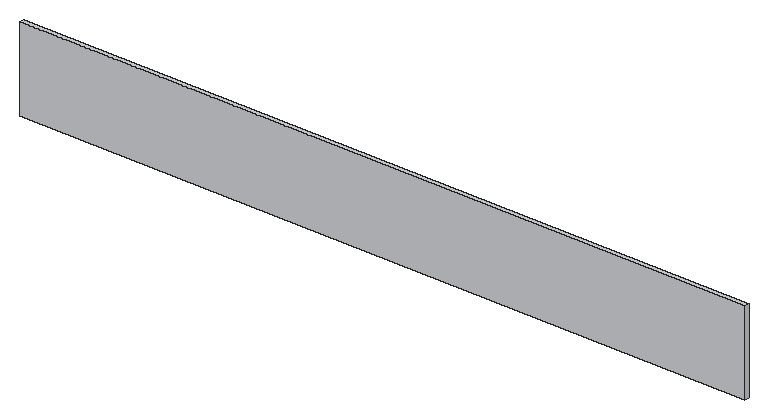
Revit family "J2 PET Felt Rectangular Baffle Single", category Specialty Equipment, Revit 2021
Family settings
  Round Connector Dimension = Use Diameter
  Part Type = Normal
  Work Plane-Based = No
  Always vertical = Yes
  Cut with Voids When Loaded = No
  Shared = No
  Room Calculation Point = No
Parameters (values of type "Rectangular Baffle 7'-11" x 11"")
  URL = "https://www.j2systems.net/"
  Symbol Name = "CSBFRE"
  Style Number = "CSBFRE"
  Release Date = "2019"
  Product Line = "Ceiling System"
  Model = "Rectangular Baffle Single"
  Manufacturer = "J2 Systems"  # constant formula
  Baffle Length (Max. 7'-11") = 7' - 11"
  Felt Color = none
  Default Elevation = 0' - 0"
  Baffle Height (Max. 3'-11") = 0' - 11"
Reference planes (in)
  plane 1 "Center (Front/Back)": y = 0
  plane 2: z = 0
  plane 3 "Center (Left/Right)": x = 0
  plane 4: y = 0.25
  plane 5: y = -0.25
  plane 6: x = -47.5
  plane 7: x = 47.5
  plane 8: z = 11
Forms (in)
  Extrusion 1, solid, material <- "Felt Color"
    sketch origin (2.375, 0, 0) x (1, 0, 0) y (0, 1, 0)
      loop
        line (-49.875, 0.25) -> (-49.875, -0.25) -> (45.125, -0.25) -> (45.125, 0.25) -> (-49.875, 0.25)
    from 11 to 0
Dimensions and locks (in)
  equal spacing: plane 6, plane 3 "Center (Left/Right)", plane 7
  "Baffle Length (Max. 7'-11")": plane 6 to plane 7
  "Baffle Height (Max. 3'-11")": plane 8 to level
  Extrusion 1 sketch curve to plane 1 "Center (Front/Back)" to Extrusion 1 sketch curve = 0' - 0 1/4" locked, 0' - 0 1/4" locked
  aligned and locked: plane 2 to level
  aligned and locked: Extrusion 1 to plane 6
  aligned and locked: Extrusion 1 to plane 4
  aligned and locked: Extrusion 1 to plane 5
  aligned and locked: Extrusion 1 sketch curve to plane 7
  aligned and locked: plane 6 to Extrusion 1 sketch curve
  aligned and locked: plane 8 to Extrusion 1
  aligned and locked: Extrusion 1 to level
